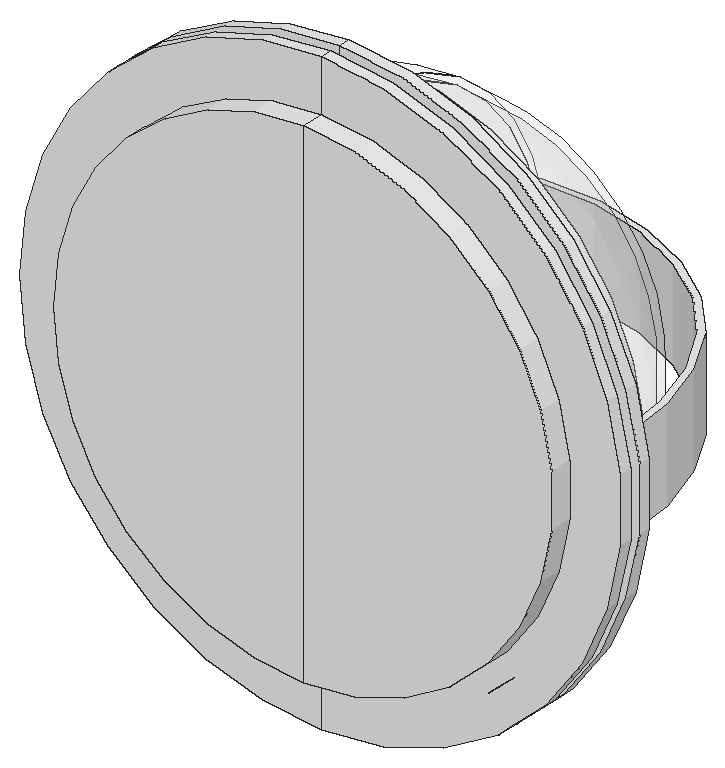
Revit family "Focus Lighting TemaBuen", category Lighting Fixtures, host Wall, Revit 2014
Parameters
  Wattage = 9.2903 W
  built-in parameter 1150110 = 1 (stored number, unit not read)
  built-in parameter 1114217 = 1 (stored number, unit not read)
  built-in parameter 1150109 = 1 (stored number, unit not read)
  built-in parameter 1150134 = 3
  built-in parameter 1150113 = 1 (stored number, unit not read)
  Mat. Metal = Metal Chrome
  Mat. Glass = TemaBuen Glass
  built-in parameter 1150105 = 109.82 (stored number, unit not read)
  Lumens = 1380 lm
  built-in parameter 1150115 = 1 (stored number, unit not read)
  Light Source Symbol Size = 609.6 mm
  built-in parameter 1150137 = (empty or 0)
  built-in parameter 1150139 = (empty or 0)
  built-in parameter 1150112 = 1 (stored number, unit not read)
  built-in parameter 1150114 = 1 (stored number, unit not read)
  Keynote = "V"
  built-in parameter 1150132 = 2
  built-in parameter 1150102 = (empty or 0)
  built-in parameter 1150107 = 3200 (stored number, unit not read)
  built-in parameter 1150138 = (empty or 0)
  built-in parameter 1150106 = 1.0982 (stored number, unit not read)
  Fixture Height = 1800 mm
  built-in parameter 1150104 = 13.8 (stored number, unit not read)
  Dimming Lamp Color Temperature Shift = (empty or 0)
  Color Filter = 16777215
  built-in parameter 1114218 = 1 (stored number, unit not read)
  built-in parameter 1150133 = 10 (stored number, unit not read)
Reference planes
  plane 1: y = 0
  plane 2 "Light Source Axis (L/R)": x = 125.471
  plane 3 "Light Plate": y = 215.974
  plane 4 "Light Source Elevation": z = 2278.661
  plane 5: z = 478.661
  plane 6 "Light Source Axis (F/R)": y = 365.974
  plane 7: x = 235
Lines and regions (mm)
  symbolic lines, style "InvisibleLines"
    curve 1: line (125, 365.974, 2278.661) -> (125, 365.974, 478.661)
Text (mm)
  text "Placement side" at (-1787.139, 1116.779, 0), in view "Ref. Level"
  text "Placement side" at (0, 2110.396, 2986.058), in view "Left"
  text "Placement side" at (0, 628.478, 3011.967), in view "Right"
Dimensions and locks
  locked: plane 6 "Light Source Axis (F/R)" to plane 3 "Light Plate" at 150
  plane 6 "Light Source Axis (F/R)" to host wall = 82.414 mm
  aligned and locked: plane 2 "Light Source Axis (L/R)" to imposter light
  aligned and locked: imposter light to plane 6 "Light Source Axis (F/R)"
  aligned and locked: plane 4 "Light Source Elevation" to imposter light
  aligned and locked: nested 1 to plane 2 "Light Source Axis (L/R)"
  aligned and locked: nested 1 to plane 4 "Light Source Elevation"
Nested families
  nested 1: "Glass" at (125.471, 283.56, 2278.661) x (-1, 0, 0) z (0, 1, 0), type "Glass"
Definition of nested family "Glass"
  Parameters (values of type "Glass")
    Mat. Metal = Metal Chrome
    Mat. Glass = Glass - Clear, Grey
    Default Elevation = 1219.2 mm
  Reference planes
    plane 1 "Center (Front/Back)": y = 0
    plane 2: z = 0
    plane 3 "Center (Left/Right)": x = 0
  Forms (mm)
    Extrusion 1, solid
      sketch origin (0, 0, 0) x (1, 0, 0) y (0, 1, 0)
        loop
          line (-1219.2, 1219.2) -> (-1219.2, -1219.2) -> (1219.2, -1219.2) -> (1219.2, 1219.2) -> (-1219.2, 1219.2)
      from 0 to -304.8
    Revolve 2, solid, material "Glass - Clear, Grey" <- "Mat. Glass"
      sketch origin (0, 0, 25) x (0, 1, 0) y (0, 0, 1)
        loop
          line (107, 0) -> (110, 0)
          arc (110, 0) -> (77.782, 77.782) -> (0, 110) r 110
          line (0, 110) -> (0, 107)
          arc (0, 107) -> (75.66, 75.66) -> (107, 0) r 107
        axis (0, 110) -> (0, 0)
      angle from 0 to 360
    Revolve 3, solid, material "Metal Chrome" <- "Mat. Metal"
      sketch origin (0, 0, 0) x (0, 1, 0) y (0, 0, 1)
        loop
          line (0, 0) -> (110, 0) -> (110, 10) -> (132.951, 10) -> (132.951, 15) -> (118.984, 15) -> (118.984, 20) -> (132.951, 20) -> (132.951, 25) -> (115, 25) -> (115, 45) -> (110, 45) -> (110, 25) -> (0, 25) -> (0, 0)
        axis (0, 45) -> (0, 0)
      angle from 0 to 360
    Extrusion 4, solid, material "Metal Chrome" <- "Mat. Metal"
      sketch origin (0, 0, 0) x (1, 0, 0) y (0, 1, 0)
        loop
          line (-127.389, 2) -> (-127.389, -2) -> (-117.371, -2) -> (-117.371, 2) -> (-127.389, 2)
        loop
          line (127.389, 2) -> (117.371, 2) -> (117.371, -2) -> (127.389, -2) -> (127.389, 2)
      from 25 to 31.417
    Extrusion 5, solid, material "Metal Chrome" <- "Mat. Metal"
      sketch origin (0, 0, 0) x (1, 0, 0) y (0, 0, 1)
        loop
          line (120, 25) -> (123, 25)
          arc (123, 25) -> (0, 148) -> (-123, 25) r 123
          line (-123, 25) -> (-120, 25)
          arc (-120, 25) -> (0, 145) -> (120, 25) r 120
      from -20 to 20
    Extrusion 6, solid, material "Metal Chrome" <- "Mat. Metal"
      sketch origin (0, 0, 0) x (1, 0, 0) y (0, 1, 0)
        loop
          line (5, 124.802) -> (0, 127.689) -> (-5, 124.802) -> (-5, 119.028) -> (0, 116.142) -> (5, 119.028) -> (5, 124.802)
        loop
          line (5, -124.802) -> (5, -119.028) -> (0, -116.142) -> (-5, -119.028) -> (-5, -124.802) -> (0, -127.689) -> (5, -124.802)
      from 25 to 28
  Dimensions and locks
    aligned and locked: plane 2 to Extrusion 1
    aligned and locked: level to Extrusion 1
    aligned and locked: Extrusion 4 to Revolve 2
    aligned and locked: Extrusion 6 to Revolve 2
